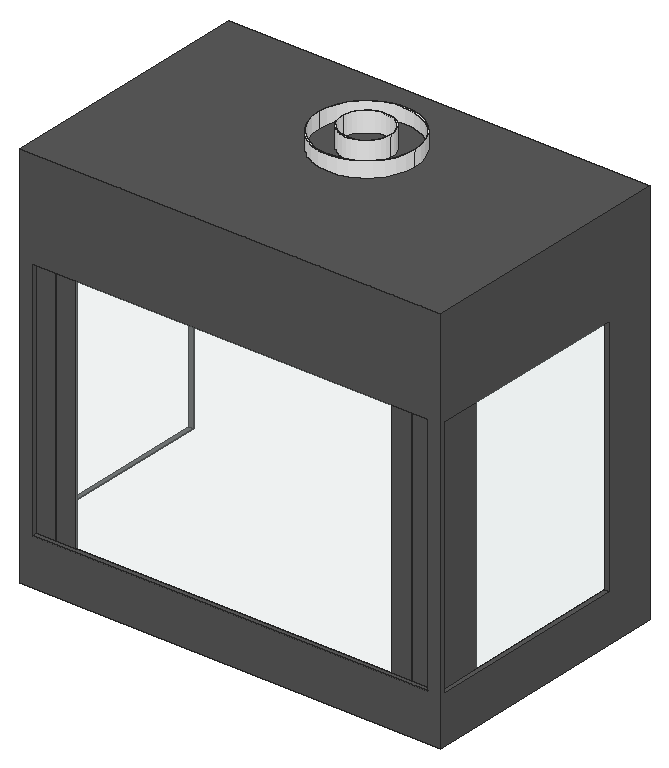
Revit family "H38DF-PRC - HL38DF-PRC", category Generic Models, Revit 2019
Family settings
  Can host rebar = No
  Round Connector Dimension = Use Diameter
  Part Type = Normal
  Work Plane-Based = No
  Always vertical = Yes
  Cut with Voids When Loaded = No
  Shared = No
  Room Calculation Point = No
Parameters
  Width = 12 5/16"
  URL = "https://www.montigo.com/"
  Model = ""
  Manufacturer Fax = ""
  Manufacturer Website = "https://www.montigo.com/"
  Manufacturer Phone - Toll Free = "800-378-3115"
  Manufacturer Phone = ""
  Manufacturer Address = "27342 Gloucester Way  Langley, BC, Canada   V4W 4A1"
  Manufacturer = "Montigo"
  Length = 53 7/16"
  Keynote = ""
  Glazing Tint = Glass - Montigo - Tint as Specified
  Frame Material = Metal - Montigo - Black
  Firebox Material = Metal - Montigo - White
  Fire Place Length = 50 5/16"
  Fire Place Height = 24 1/2"
  Fire Place - Opening = 16 9/16"
  Description = "Montigo Fireplace as Specified"
  Base Height = 6 9/16"
Reference planes (in)
  plane 1 "Center (Front/Back)": y = 0
  plane 2: z = 0
  plane 3 "Center (Left/Right)": x = 0
Forms (in)
  Extrusion 1, solid, material "Metal - Montigo - Black" <- "Frame Material"
    sketch origin (0, 4.4865, 0) x (1, 0, 0) y (0, 1, 0)
      loop
        line (-21.40625, -4.4865) -> (21.40625, -4.4865) -> (21.40625, 22.076) -> (-21.40625, 22.076) -> (-21.40625, -4.4865)
    from 0 to 39.625
  Extrusion 2, void
    sketch origin (42.25, -6.4375, 0) x (-1, 0, 0) y (0, 0, -1)
      loop
        line (62.375, -29.5625) -> (62.375, -4.8125) -> (22.125, -4.8125) -> (22.125, -29.5625) -> (62.375, -29.5625)
    from -6.875 to 12
  Extrusion 3, void
    sketch origin (0, 0, 0) x (0, 1, 0) y (0, 0, -1)
      loop
        line (21.4375, -4.8125) -> (0.4375, -4.8125) -> (0.4375, -29.5625) -> (21.4375, -29.5625) -> (21.4375, -4.8125)
    from -39.43208 to -20.90625
  Extrusion 4, void
    sketch origin (0, 0, 0) x (0, 1, 0) y (0, 0, 1)
      loop
        line (21.4375, 4.8125) -> (21.4375, 29.5625) -> (0.4375, 29.5625) -> (0.4375, 4.8125) -> (21.4375, 4.8125)
    from -39.43208 to -20.90625
  Extrusion 5, solid, material "Metal - Montigo - Black" <- "Frame Material"
    sketch origin (42.25, -6.4375, 0) x (-1, 0, 0) y (0, 0, -1)
      loop
        line (60.34375, -29.5625) -> (62.375, -29.5625) -> (62.375, -4.8125) -> (60.34375, -4.8125) -> (60.34375, -29.5625)
    from -6.875 to -7
  Extrusion 6, solid, material "Metal - Montigo - Black" <- "Frame Material"
    sketch origin (44.28125, -6.4375, 0) x (-1, 0, 0) y (0, 0, -1)
      loop
        line (60.34375, -29.5625) -> (62.375, -29.5625) -> (62.375, -4.8125) -> (60.34375, -4.8125) -> (60.34375, -29.5625)
    from -6.875 to -7
  Extrusion 7, solid, material "Metal - Montigo - Black" <- "Frame Material"
    sketch origin (78.4375, -6.4375, 0) x (-1, 0, 0) y (0, 0, -1)
      loop
        line (60.34375, -29.5625) -> (62.375, -29.5625) -> (62.375, -4.8125) -> (60.34375, -4.8125) -> (60.34375, -29.5625)
    from -6.875 to -7
  Extrusion 8, solid, material "Metal - Montigo - Black" <- "Frame Material"
    sketch origin (80.46875, -6.4375, 0) x (-1, 0, 0) y (0, 0, -1)
      loop
        line (60.34375, -29.5625) -> (62.375, -29.5625) -> (62.375, -4.8125) -> (60.34375, -4.8125) -> (60.34375, -29.5625)
    from -6.875 to -7
  Extrusion 9, solid, material "Metal - Montigo - Black" <- "Frame Material"
    sketch origin (-27.84375, 63.65625, 0) x (0, -1, 0) y (0, 0, 1)
      loop
        line (58.53125, 29.5625) -> (58.53125, 4.8125) -> (63.21875, 4.8125) -> (63.21875, 29.5625) -> (58.53125, 29.5625)
    from -7.06137 to -6.9375
  Extrusion 10, solid, material "Metal - Montigo - Black" <- "Frame Material"
    sketch origin (27.84375, 63.65625, 0) x (0, -1, 0) y (0, 0, -1)
      loop
        line (58.53125, -29.5625) -> (63.21875, -29.5625) -> (63.21875, -4.8125) -> (58.53125, -4.8125) -> (58.53125, -29.5625)
    from -7.06137 to -6.9375
Cuts and joins
  Extrusion 2, Extrusion 3, Extrusion 4 cuts Extrusion 1
Lines and regions (in)
  symbolic lines
    curve 1: line (64.57316, -48.85794, 0) -> (68.82316, -48.85794, 0)
    curve 2: line (-18.09375, -6.4375, 4.8125) -> (-18.09375, -6.4375, 29.5625)
    curve 3: line (-16.0625, -6.4375, 4.8125) -> (-16.0625, -6.4375, 29.5625)
    curve 4: line (18.09375, -6.4375, 4.8125) -> (18.09375, -6.4375, 29.5625)
    curve 5: line (20.125, -6.4375, 4.8125) -> (20.125, -6.4375, 29.5625)
    curve 6: line (16.0625, -6.4375, 4.8125) -> (16.0625, -6.4375, 29.5625)
    curve 7: line (0, 21.4375, 4.59593) -> (0, 5.125, 4.59593)
    curve 8: line (0, 5.125, 4.59593) -> (0, 5.125, 29.5625)
    curve 9: line (0, 3.125, 4.59593) -> (0, 3.125, 29.5625)
    curve 10: line (0, 1.125, 4.59593) -> (0, 1.125, 29.5625)
Dimensions and locks (in)
  level to nested 4 = 30"
  Extrusion 1 to level = 39 5/8"
  plane 1 "Center (Front/Back)" to Extrusion 1 = 26 9/16"
  cut or joined group of Extrusion 1, Extrusion 2, Extrusion 3, Extrusion 4 to cut or joined group of Extrusion 1, Extrusion 2, Extrusion 3, Extrusion 4 = 7/16"
  aligned and locked: level to plane 2
  aligned and locked: nested 2 to nested 1
  aligned and locked: nested 2 to plane 3 "Center (Left/Right)"
  aligned and locked: nested 1 to plane 3 "Center (Left/Right)"
  aligned and locked: nested 4 to plane 3 "Center (Left/Right)"
  aligned and locked: nested 3 to plane 3 "Center (Left/Right)"
Nested families (in)
  nested 1: "Duct Dia" at (0, 17.3125, 39.625) x (-1, 0, 0) z (0, 0, 1), type "5""
    with Intake Duct Dia 5", Intake Diameter 4 7/8", Height 2"
  nested 2: "Duct Dia" at (0, 17.3125, 39.625) x (-1, 0, 0) z (0, 0, 1), type "9 7/8""
    with Intake Duct Dia 9 7/8", Intake Diameter 9 3/4", Height 1 1/2"
  nested 3: "Duct Dia" at (0, 26.5625, 30) x (-1, 0, 0) z (0, 1, 0), type "5""
    with Intake Duct Dia 5", Intake Diameter 4 7/8", Height 2"
  nested 4: "Duct Dia" at (0, 26.5625, 30) x (-1, 0, 0) z (0, 1, 0), type "9 7/8""
    with Intake Duct Dia 9 7/8", Intake Diameter 9 3/4", Height 1 1/2"
Connectors (in)
  hvac at (0, 17.3125, 41.625)
    settings: on nested 1, index 4, duct flow 0.0 L/s, flow factor 0, pres drop 0.0 Pa, loss coef 0, conn angle 0.00°, conn width 304.8 mm, conn height 304.8 mm, conn diameter 127 mm, duct sys type 3, conn prof type 0, flow config 0, flow direction 0, loss method 0, conn ref index -1, conn util no, is conn primary yes, conn desc ""
  hvac at (0, 17.3125, 41.125)
    settings: on nested 2, index 5, duct flow 0.0 L/s, flow factor 0, pres drop 0.0 Pa, loss coef 0, conn angle 0.00°, conn width 304.8 mm, conn height 304.8 mm, conn diameter 250.825 mm, duct sys type 3, conn prof type 0, flow config 0, flow direction 0, loss method 0, conn ref index -1, conn util no, is conn primary no, conn desc ""
  hvac at (0, 28.5625, 30)
    settings: on nested 3, index 6, duct flow 0.0 L/s, flow factor 0, pres drop 0.0 Pa, loss coef 0, conn angle 0.00°, conn width 304.8 mm, conn height 304.8 mm, conn diameter 127 mm, duct sys type 3, conn prof type 0, flow config 0, flow direction 0, loss method 0, conn ref index -1, conn util no, is conn primary no, conn desc ""
  hvac at (0, 28.0625, 30)
    settings: on nested 4, index 7, duct flow 0.0 L/s, flow factor 0, pres drop 0.0 Pa, loss coef 0, conn angle 0.00°, conn width 304.8 mm, conn height 304.8 mm, conn diameter 250.825 mm, duct sys type 3, conn prof type 0, flow config 0, flow direction 0, loss method 0, conn ref index -1, conn util no, is conn primary no, conn desc ""
Definition of nested family "Duct Dia"
  Parameters (values of type "15 7/8" Dia.")
    Intake Duct Dia = 15 7/8"
    Intake Diameter = Intake Duct Dia - 1/8"  # 15 3/4"
    Height = 4"
    Firebox Material = none
    Default Elevation = 48"
  Types (12): name | Intake Duct Dia | Intake Diameter | Height
    9 7/8" Dia. | 9 7/8" | 9 3/4" | 4"
    7 7/8" Dia | 7 7/8" | 7 3/4" | 4"
    8 1/8" Dia | 8 1/8" | 8" | 1/4"
    11 3/4" Dia | 11 3/4" | 11 5/8" | 4"
    4" Dia | 10" | 9 7/8" | 4"
    7 3/4" Dia | 7 3/4" | 7 5/8" | 4"
    6 7/8" Dia | 6 7/8" | 6 3/4" | 1/4"
    9 3/4" Dia. | 9 3/4" | 9 5/8" | 4"
    7 1/8" Dia | 7 1/8" | 7" | 1/4"
    11 7/8" Dia. | 11 7/8" | 11 3/4" | 4"
    13 7/8" Dia. | 13 7/8" | 13 3/4" | 4"
    15 7/8" Dia. | 15 7/8" | 15 3/4" | 4"
  Reference planes (in)
    plane 1 "Center (Front/Back)": y = 0
    plane 2: z = 0
    plane 3 "Center (Left/Right)": x = 0
    plane 4: z = 4
  Forms (in)
    Extrusion 1, solid
      sketch origin (0, 0, 0) x (1, 0, 0) y (0, 1, 0)
        loop
          line (-48, 48) -> (-48, -48) -> (48, -48) -> (48, 48) -> (-48, 48)
      from 0 to -12
    Extrusion 2, solid, material <- "Firebox Material"
      sketch origin (0, 0, 0) x (1, 0, 0) y (0, 1, 0)
        loop
          circle (0, 0) r 7.9375
        loop
          circle (0, 0) r 7.875
      from 0 to 4
  Dimensions and locks (in)
    "Height": plane 4 to level
    "Intake Duct Dia": diameter of Extrusion 2 sketch curve
    "Intake Diameter": diameter of Extrusion 2 sketch curve
    aligned and locked: plane 2 to Extrusion 1
    aligned and locked: level to Extrusion 1
    aligned and locked: plane 4 to Extrusion 2
  Automatic sketch dimensions
    Extrusion 1 sketch curve to Extrusion 1 sketch curve = 96"  (x2)
    Extrusion 2 sketch curve to Extrusion 2 sketch curve = 0"  (x2)
    plane 1 "Center (Front/Back)" to Extrusion 2 sketch curve = 0"
    Extrusion 2 sketch curve to plane 3 "Center (Left/Right)" = 0"
